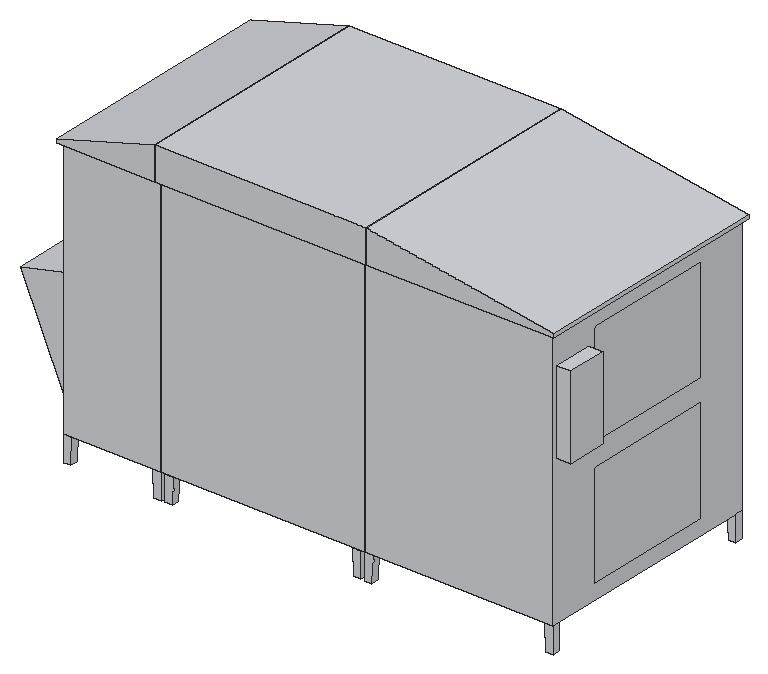
Revit family "AHU 3 _3", category Mechanické zařízení, Revit 2018
Family settings
  Kóta kulaté spojky = Použít průměr
  Typ dílu = Normální
  Číslo OmniClass = 23.75.00.00
  Nadpis OmniClass = Climate Control (HVAC)
  Založené na pracovní rovině = Ne
  Vždy vertikální = Ano
  Ořezat dutým tvarem při načtení = Ne
  Sdílené = Ne
  Bod výpočtu místnosti = Ne
Parameters (values of type "DUPLEXVENT 10000 Multi-N")
  Width [instance] = 1.62 mm
  Weight [instance] = 1190.00 kg
  URL = ""
  Type [instance] = "DUPLEXVENT 10000 Multi-N"
  Total_SFP [instance] = 0
  Supply_outlet_hum [instance] = 90
  Supply_inlet_hum [instance] = 90
  Supply_ext_pressure [instance] = 0.0 Pa
  Supply_SFP [instance] = 0
  Source_adu_file [instance] = ""
  Recuperation_type [instance] = "Plate heat recovery exchanger"
  Recuperation_efficiency_EN308 [instance] = 0
  Project_name [instance] = ""
  Project_date [instance] = "9.8.2023"
  Power_supply_fusing [instance] = "0"
  Power_supply_cable [instance] = "0"
  Position [instance] = "AHU 3 "
  Phases_count [instance] = 3
  Panel_thickness [instance] = 0.06 mm
  Outer_surface [instance] = "RAL 9002"
  Length [instance] = 3.37 mm
  Insulation_type [instance] = "PUR"
  Insulation_thickness [instance] = 0.05 mm
  Installation_environment [instance] = ""
  Input_power_max [instance] = 10400 W
  Inner_surface [instance] = "Pozink"
  I2 [instance] = I1  # 0.0 L/s
  Height [instance] = 1.795 mm
  Exhaust_outlet_hum [instance] = 40
  Exhaust_inlet_hum [instance] = 40
  Exhaust_ext_pressure [instance] = 0.0 Pa
  Exhaust_SFP [instance] = 0
  E1 [instance] = E2 - M1  # 0.0 L/s
  E2 [instance] = 0.0 L/s
  I1 [instance] = 0.0 L/s
  Description = ""
  M1 [instance] = 0.0 L/s
  Device_dutypoint_version [instance] = "0"
  Device_design_version [instance] = "9"
  Device_adu_id [instance] = "3"
  Current_max [instance] = 16.8 A
  Casing_mat [instance] = "painted zinc layer"
  Cable type [instance] = "CYKY 5Jx4"
Reference planes
  plane 1 "Střed (vpředu/vzadu)": y = 0
  plane 2 "ref": z = 0
  plane 3 "Střed (vlevo/vpravo)": x = 0
Forms (mm)
  Sweep 1, solid
    path origin (0, 0, 0) x (0, 0, 1) y (1, 0, 0)
      loop
        line (0, 0) -> (1795, 0)
    profile origin (0, 0, 0) x (1, 0, 0) y (0, 1, 0)
      loop
        line (0, 0) -> (671, 0) -> (671, 1620) -> (0, 1620) -> (0, 0)
  Sweep 2, solid
    path origin (0, 0, 0) x (0, 0, 1) y (1, 0, 0)
      loop
        line (0, 0) -> (1795, 0)
    profile origin (0, 0, 0) x (1, 0, 0) y (0, 1, 0)
      loop
        line (671, 0) -> (2074, 0) -> (2074, 1620) -> (671, 1620) -> (671, 0)
  Sweep 3, solid
    path origin (0, 0, 0) x (0, 0, 1) y (1, 0, 0)
      loop
        line (0, 0) -> (1795, 0)
    profile origin (0, 0, 0) x (1, 0, 0) y (0, 1, 0)
      loop
        line (2074, 0) -> (3367, 0) -> (3367, 1620) -> (2074, 1620) -> (2074, 0)
  Sweep 4, solid
    path origin (1685, 1645, 897) x (1, 0, 0) y (0, 1, 0)
      loop
        line (0, 0) -> (0, -1670)
    profile origin (1685, 1645, 897) x (1, 0, 0) y (0, 0, 1)
      loop
        line (-1710, 897) -> (-1039, 897) -> (-1039, 1123) -> (-1710, 922) -> (-1710, 897)
  Sweep 5, solid
    path origin (646, 810, 897) x (1, 0, 0) y (0, 1, 0)
      loop
        line (0, 0) -> (1456, 0)
    profile origin (646, 810, 897) x (0, 1, 0) y (0, 0, 1)
      loop
        line (-835, 897) -> (835, 897) -> (835, 922) -> (835, 1123) -> (-835, 1123) -> (-835, 922) -> (-835, 897)
  Sweep 6, solid
    path origin (1685, 1645, 897) x (1, 0, 0) y (0, 1, 0)
      loop
        line (0, 0) -> (0, -1670)
    profile origin (1685, 1645, 897) x (1, 0, 0) y (0, 0, 1)
      loop
        line (1710, 897) -> (1710, 922) -> (417, 1123) -> (417, 897) -> (1710, 897)
  Sweep 7, solid
    path origin (-250, 1365, 465) x (1, 0, 0) y (0, 1, 0)
      loop
        line (0, 0) -> (0, -1110)
    profile origin (-250, 1365, 465) x (1, 0, 0) y (0, 0, 1)
      loop
        line (249, 400) -> (-250, 280) -> (50, -400) -> (250, -400) -> (249, 400)
  Sweep 8, solid
    path origin (0, 810, 465) x (0, 1, 0) y (-1, 0, 0)
      loop
        line (0, 0) -> (0, 1)
    profile origin (0, 810, 465) x (0, -1, 0) y (0, 0, 1)
      loop
        line (-555, -400) -> (555, -400) -> (555, 400) -> (-555, 400) -> (-555, -400)
  Sweep 9, solid
    path origin (3369, 810, 1330) x (1, 0, 0) y (0, 1, 0)
      loop
        line (0, 0) -> (1, 0)
    profile origin (3369, 810, 1330) x (0, 1, 0) y (0, 0, 1)
      loop
        line (-450, 355) -> (-450, -355) -> (450, -355) -> (450, 355) -> (-450, 355)
  Sweep 10, solid
    path origin (3369, 810, 465) x (1, 0, 0) y (0, 1, 0)
      loop
        line (0, 0) -> (1, 0)
    profile origin (3369, 810, 465) x (0, 1, 0) y (0, 0, 1)
      loop
        line (-450, 355) -> (-450, -355) -> (450, -355) -> (450, 355) -> (-450, 355)
  Sweep 11, solid
    path origin (1, 810, 1330) x (0, 1, 0) y (-1, 0, 0)
      loop
        line (0, 0) -> (0, 1)
    profile origin (1, 810, 1330) x (0, -1, 0) y (0, 0, 1)
      loop
        line (-450, -355) -> (450, -355) -> (450, 355) -> (-450, 355) -> (-450, -355)
  Sweep 12, solid
    path origin (1780, 360, 0) x (0, -1, 0) y (0, 0, 1)
      loop
        line (0, 0) -> (0, -142)
    profile origin (1780, 360, 0) x (-1, 0, 0) y (0, -1, 0)
      loop
        circle (0, 0) r 8
  Sweep 13, solid
    path origin (1788, 360, -150) x (0, 0, -1) y (1, 0, 0)
      loop
        line (0, 0) -> (0, 14)
    profile origin (1788, 360, -150) x (0, 0, 1) y (0, -1, 0)
      loop
        circle (0, 0) r 8
  Sweep 14, solid
    path origin (1810, 360, -142) x (0, -1, 0) y (0, 0, 1)
      loop
        line (0, 0) -> (0, 59)
    profile origin (1810, 360, -142) x (0, 1, 0) y (-1, 0, 0)
      loop
        circle (0, 0) r 8
  Sweep 15, solid
    path origin (1818, 360, -75) x (0, 0, -1) y (1, 0, 0)
      loop
        line (0, 0) -> (0, 22)
    profile origin (1818, 360, -75) x (0, 0, 1) y (0, -1, 0)
      loop
        circle (0, 0) r 8
  Sweep 16, solid
    path origin (965, 360, 0) x (0, -1, 0) y (0, 0, 1)
      loop
        line (0, 0) -> (0, -142)
    profile origin (965, 360, 0) x (-1, 0, 0) y (0, -1, 0)
      loop
        circle (0, 0) r 8
  Sweep 17, solid
    path origin (973, 360, -150) x (0, 0, -1) y (1, 0, 0)
      loop
        line (0, 0) -> (0, 14)
    profile origin (973, 360, -150) x (0, 0, 1) y (0, -1, 0)
      loop
        circle (0, 0) r 8
  Sweep 18, solid
    path origin (995, 360, -142) x (0, -1, 0) y (0, 0, 1)
      loop
        line (0, 0) -> (0, 59)
    profile origin (995, 360, -142) x (0, 1, 0) y (-1, 0, 0)
      loop
        circle (0, 0) r 8
  Sweep 19, solid
    path origin (1003, 360, -75) x (0, 0, -1) y (1, 0, 0)
      loop
        line (0, 0) -> (0, 22)
    profile origin (1003, 360, -75) x (0, 0, 1) y (0, -1, 0)
      loop
        circle (0, 0) r 8
  Sweep 20, solid
    path origin (25, 50, 0) x (1, 0, 0) y (0, 1, 0)
      loop
        line (0, 0) -> (0, -50)
    profile origin (25, 50, 0) x (1, 0, 0) y (0, 0, 1)
      loop
        line (-25, 0) -> (-25, -175) -> (25, -175) -> (35, 0) -> (-25, 0)
  Sweep 21, solid
    path origin (3345, 50, 0) x (1, 0, 0) y (0, 1, 0)
      loop
        line (0, 0) -> (0, -50)
    profile origin (3345, 50, 0) x (1, 0, 0) y (0, 0, 1)
      loop
        line (-35, 0) -> (-25, -175) -> (25, -175) -> (25, 0) -> (-35, 0)
  Sweep 22, solid
    path origin (25, 1620, 0) x (1, 0, 0) y (0, 1, 0)
      loop
        line (0, 0) -> (0, -50)
    profile origin (25, 1620, 0) x (1, 0, 0) y (0, 0, 1)
      loop
        line (-25, 0) -> (-25, -175) -> (25, -175) -> (35, 0) -> (-25, 0)
  Sweep 23, solid
    path origin (3345, 1620, 0) x (1, 0, 0) y (0, 1, 0)
      loop
        line (0, 0) -> (0, -50)
    profile origin (3345, 1620, 0) x (1, 0, 0) y (0, 0, 1)
      loop
        line (-35, 0) -> (-25, -175) -> (25, -175) -> (25, 0) -> (-35, 0)
  Sweep 24, solid
    path origin (650, 50, 0) x (1, 0, 0) y (0, 1, 0)
      loop
        line (0, 0) -> (0, -50)
    profile origin (650, 50, 0) x (1, 0, 0) y (0, 0, 1)
      loop
        line (-35, 0) -> (-25, -175) -> (25, -175) -> (25, 0) -> (-35, 0)
  Sweep 25, solid
    path origin (650, 1620, 0) x (1, 0, 0) y (0, 1, 0)
      loop
        line (0, 0) -> (0, -50)
    profile origin (650, 1620, 0) x (1, 0, 0) y (0, 0, 1)
      loop
        line (-35, 0) -> (-25, -175) -> (25, -175) -> (25, 0) -> (-35, 0)
  Sweep 26, solid
    path origin (725, 50, 0) x (1, 0, 0) y (0, 1, 0)
      loop
        line (0, 0) -> (0, -50)
    profile origin (725, 50, 0) x (1, 0, 0) y (0, 0, 1)
      loop
        line (-25, 0) -> (-25, -175) -> (25, -175) -> (35, 0) -> (-25, 0)
  Sweep 27, solid
    path origin (725, 1620, 0) x (1, 0, 0) y (0, 1, 0)
      loop
        line (0, 0) -> (0, -50)
    profile origin (725, 1620, 0) x (1, 0, 0) y (0, 0, 1)
      loop
        line (-25, 0) -> (-25, -175) -> (25, -175) -> (35, 0) -> (-25, 0)
  Sweep 28, solid
    path origin (2023, 50, 0) x (1, 0, 0) y (0, 1, 0)
      loop
        line (0, 0) -> (0, -50)
    profile origin (2023, 50, 0) x (1, 0, 0) y (0, 0, 1)
      loop
        line (-35, 0) -> (-25, -175) -> (25, -175) -> (25, 0) -> (-35, 0)
  Sweep 29, solid
    path origin (2023, 1620, 0) x (1, 0, 0) y (0, 1, 0)
      loop
        line (0, 0) -> (0, -50)
    profile origin (2023, 1620, 0) x (1, 0, 0) y (0, 0, 1)
      loop
        line (-35, 0) -> (-25, -175) -> (25, -175) -> (25, 0) -> (-35, 0)
  Sweep 30, solid
    path origin (2098, 50, 0) x (1, 0, 0) y (0, 1, 0)
      loop
        line (0, 0) -> (0, -50)
    profile origin (2098, 50, 0) x (1, 0, 0) y (0, 0, 1)
      loop
        line (-25, 0) -> (-25, -175) -> (25, -175) -> (35, 0) -> (-25, 0)
  Sweep 31, solid
    path origin (2098, 1620, 0) x (1, 0, 0) y (0, 1, 0)
      loop
        line (0, 0) -> (0, -50)
    profile origin (2098, 1620, 0) x (1, 0, 0) y (0, 0, 1)
      loop
        line (-25, 0) -> (-25, -175) -> (25, -175) -> (35, 0) -> (-25, 0)
  Sweep 32, solid
    path origin (0, 0, 1024) x (0, 0, 1) y (1, 0, 0)
      loop
        line (0, 0) -> (570, 0)
    profile origin (0, 0, 1024) x (1, 0, 0) y (0, 1, 0)
      loop
        line (3370, 25) -> (3470, 25) -> (3470, 300) -> (3370, 300) -> (3370, 25)
  Sweep 33, solid
    path origin (3420, 163, 1024) x (0, -1, 0) y (0, 0, 1)
      loop
        line (0, 0) -> (0, -1)
    profile origin (3420, 163, 1024) x (-1, 0, 0) y (0, -1, 0)
      loop
        circle (0, 0) r 10
Lines and regions (mm)
  model lines, style "Symbol"
    curve 1: line (1382, 0, 0) -> (1382, 0, 359)
    curve 2: line (1382, 0, 1795) -> (1382, 0, 1436)
    curve 3: line (0, 0, 897) -> (671, 0, 897)
    curve 4: line (671, 0, 897) -> (843, 0, 897)
    curve 5: line (2074, 0, 897) -> (1920, 0, 897)
    curve 6: line (2074, 0, 897) -> (3370, 0, 897)
    curve 7: line (843, 0, 897) -> (1112, 0, 1436)
    curve 8: line (1112, 0, 1436) -> (1651, 0, 1436)
    curve 9: line (1651, 0, 1436) -> (1920, 0, 897)
    curve 10: line (1920, 0, 897) -> (1651, 0, 359)
    curve 11: line (1651, 0, 359) -> (1382, 0, 359)
    curve 12: line (1382, 0, 359) -> (1112, 0, 359)
    curve 13: line (1112, 0, 359) -> (843, 0, 897)
    curve 14: line (2975, 0, 1474) -> (3262, 0, 1425)
    curve 15: line (2975, 0, 1218) -> (3262, 0, 1267)
    curve 16: line (395, 0, 1218) -> (108, 0, 1267)
    curve 17: line (395, 0, 1474) -> (108, 0, 1425)
    curve 18: line (67, 0, 179) -> (67, 0, 718)
    curve 19: line (67, 0, 718) -> (270, 0, 718)
    curve 20: line (270, 0, 718) -> (270, 0, 179)
    curve 21: line (270, 0, 179) -> (67, 0, 179)
    curve 22: line (169, 0, 179) -> (270, 0, 449)
    curve 23: line (169, 0, 718) -> (270, 0, 449)
    curve 24: line (3303, 0, 718) -> (3303, 0, 179)
    curve 25: line (3303, 0, 179) -> (3100, 0, 179)
    curve 26: line (3100, 0, 179) -> (3100, 0, 718)
    curve 27: line (3100, 0, 718) -> (3303, 0, 718)
    curve 28: line (3201, 0, 718) -> (3100, 0, 449)
    curve 29: line (3201, 0, 179) -> (3100, 0, 449)
    curve 30: line (1015, 0, 314) -> (771, 0, 794)
    curve 31: line (771, 0, 794) -> (851, 0, 835)
    curve 32: line (851, 0, 835) -> (1095, 0, 355)
    curve 33: line (1095, 0, 355) -> (1015, 0, 314)
    curve 34: line (868, 0, 622) -> (900, 0, 719)
    curve 35: line (966, 0, 430) -> (998, 0, 527)
    curve 36: line (0, -1600, 0) -> (0, 0, 0)
    curve 37: line (3370, -1600, 0) -> (3370, 0, 0)
    curve 38: line (0, -1600, 0) -> (3370, -1600, 0)
    curve 39: line (0, -1600, 1795) -> (0, 0, 1795)
    curve 40: line (3370, -1600, 1795) -> (3370, 0, 1795)
    curve 41: line (0, -1600, 1795) -> (3370, -1600, 1795)
    curve 42: line (0, -1600, 0) -> (0, -1600, 1795)
    curve 43: line (3370, -1600, 0) -> (3370, -1600, 1795)
    curve 44: line (0, -1600, 1595) -> (200, -1600, 1795)
    curve 45: line (0, -1600, 1395) -> (400, -1600, 1795)
    curve 46: line (0, -1600, 1195) -> (600, -1600, 1795)
    curve 47: line (0, -1600, 995) -> (800, -1600, 1795)
    curve 48: line (0, -1600, 795) -> (1000, -1600, 1795)
    curve 49: line (0, -1600, 595) -> (1200, -1600, 1795)
    curve 50: line (0, -1600, 395) -> (1400, -1600, 1795)
    curve 51: line (0, -1600, 195) -> (1600, -1600, 1795)
    curve 52: line (5, -1600, 0) -> (1800, -1600, 1795)
    curve 53: line (205, -1600, 0) -> (2000, -1600, 1795)
    curve 54: line (405, -1600, 0) -> (2200, -1600, 1795)
    curve 55: line (605, -1600, 0) -> (2400, -1600, 1795)
    curve 56: line (805, -1600, 0) -> (2600, -1600, 1795)
    curve 57: line (1005, -1600, 0) -> (2800, -1600, 1795)
    curve 58: line (1205, -1600, 0) -> (3000, -1600, 1795)
    curve 59: line (1405, -1600, 0) -> (3200, -1600, 1795)
    curve 60: line (1605, -1600, 0) -> (3370, -1600, 1765)
    curve 61: line (1805, -1600, 0) -> (3370, -1600, 1565)
    curve 62: line (2005, -1600, 0) -> (3370, -1600, 1365)
    curve 63: line (2205, -1600, 0) -> (3370, -1600, 1165)
    curve 64: line (2405, -1600, 0) -> (3370, -1600, 965)
    curve 65: line (2605, -1600, 0) -> (3370, -1600, 765)
    curve 66: line (2805, -1600, 0) -> (3370, -1600, 565)
    curve 67: line (3005, -1600, 0) -> (3370, -1600, 365)
    curve 68: line (3205, -1600, 0) -> (3370, -1600, 165)
    curve 69: line (3370, -1600, 1595) -> (3370, -1400, 1795)
    curve 70: line (3370, -1600, 1395) -> (3370, -1200, 1795)
    curve 71: line (3370, -1600, 1195) -> (3370, -1000, 1795)
    curve 72: line (3370, -1600, 995) -> (3370, -800, 1795)
    curve 73: line (3370, -1600, 795) -> (3370, -600, 1795)
    curve 74: line (3370, -1600, 595) -> (3370, -400, 1795)
    curve 75: line (3370, -1600, 395) -> (3370, -200, 1795)
    curve 76: line (3370, -1600, 195) -> (3370, 0, 1795)
    curve 77: line (3370, -1595, 0) -> (3370, 0, 1595)
    curve 78: line (3370, -1395, 0) -> (3370, 0, 1395)
    curve 79: line (3370, -1195, 0) -> (3370, 0, 1195)
    curve 80: line (3370, -995, 0) -> (3370, 0, 995)
    curve 81: line (3370, -795, 0) -> (3370, 0, 795)
    curve 82: line (3370, -595, 0) -> (3370, 0, 595)
    curve 83: line (3370, -395, 0) -> (3370, 0, 395)
    curve 84: line (3370, -195, 0) -> (3370, 0, 195)
    curve 85: line (0, -1400, 1795) -> (200, -1600, 1795)
    curve 86: line (0, -1200, 1795) -> (400, -1600, 1795)
    curve 87: line (0, -1000, 1795) -> (600, -1600, 1795)
    curve 88: line (0, -800, 1795) -> (800, -1600, 1795)
    curve 89: line (0, -600, 1795) -> (1000, -1600, 1795)
    curve 90: line (0, -400, 1795) -> (1200, -1600, 1795)
    curve 91: line (0, -200, 1795) -> (1400, -1600, 1795)
    curve 92: line (0, 0, 1795) -> (1600, -1600, 1795)
    curve 93: line (200, 0, 1795) -> (1800, -1600, 1795)
    curve 94: line (400, 0, 1795) -> (2000, -1600, 1795)
    curve 95: line (600, 0, 1795) -> (2200, -1600, 1795)
    curve 96: line (800, 0, 1795) -> (2400, -1600, 1795)
    curve 97: line (1000, 0, 1795) -> (2600, -1600, 1795)
    curve 98: line (1200, 0, 1795) -> (2800, -1600, 1795)
    curve 99: line (1400, 0, 1795) -> (3000, -1600, 1795)
    curve 100: line (1600, 0, 1795) -> (3200, -1600, 1795)
    curve 101: line (1800, 0, 1795) -> (3370, -1570, 1795)
    curve 102: line (2000, 0, 1795) -> (3370, -1370, 1795)
    curve 103: line (2200, 0, 1795) -> (3370, -1170, 1795)
    curve 104: line (2400, 0, 1795) -> (3370, -970, 1795)
    curve 105: line (2600, 0, 1795) -> (3370, -770, 1795)
    curve 106: line (2800, 0, 1795) -> (3370, -570, 1795)
    curve 107: line (3000, 0, 1795) -> (3370, -370, 1795)
    curve 108: line (3200, 0, 1795) -> (3370, -170, 1795)
    curve 109: line (4090, 0, 0) -> (3370, 0, 0)
    curve 110: line (4090, 1620, 0) -> (3370, 1620, 0)
    curve 111: line (4090, 0, 0) -> (4090, 1620, 0)
    curve 112: line (4090, 0, 1795) -> (3370, 0, 1795)
    curve 113: line (4090, 1620, 1795) -> (3370, 1620, 1795)
    curve 114: line (4090, 0, 1795) -> (4090, 1620, 1795)
    curve 115: line (4090, 0, 0) -> (4090, 0, 1795)
    curve 116: line (4090, 1620, 0) -> (4090, 1620, 1795)
    curve 117: line (4090, 0, 1595) -> (4090, 200, 1795)
    curve 118: line (4090, 0, 1395) -> (4090, 400, 1795)
    curve 119: line (4090, 0, 1195) -> (4090, 600, 1795)
    curve 120: line (4090, 0, 995) -> (4090, 800, 1795)
    curve 121: line (4090, 0, 795) -> (4090, 1000, 1795)
    curve 122: line (4090, 0, 595) -> (4090, 1200, 1795)
    curve 123: line (4090, 0, 395) -> (4090, 1400, 1795)
    curve 124: line (4090, 0, 195) -> (4090, 1600, 1795)
    curve 125: line (4090, 5, 0) -> (4090, 1620, 1615)
    curve 126: line (4090, 205, 0) -> (4090, 1620, 1415)
    curve 127: line (4090, 405, 0) -> (4090, 1620, 1215)
    curve 128: line (4090, 605, 0) -> (4090, 1620, 1015)
    curve 129: line (4090, 805, 0) -> (4090, 1620, 815)
    curve 130: line (4090, 1005, 0) -> (4090, 1620, 615)
    curve 131: line (4090, 1205, 0) -> (4090, 1620, 415)
    curve 132: line (4090, 1405, 0) -> (4090, 1620, 215)
    curve 133: line (4090, 1605, 0) -> (4090, 1620, 15)
    curve 134: line (4090, 1620, 1595) -> (3890, 1620, 1795)
    curve 135: line (4090, 1620, 1395) -> (3690, 1620, 1795)
    curve 136: line (4090, 1620, 1195) -> (3490, 1620, 1795)
    curve 137: line (4090, 1620, 995) -> (3370, 1620, 1715)
    curve 138: line (4090, 1620, 795) -> (3370, 1620, 1515)
    curve 139: line (4090, 1620, 595) -> (3370, 1620, 1315)
    curve 140: line (4090, 1620, 395) -> (3370, 1620, 1115)
    curve 141: line (4090, 1620, 195) -> (3370, 1620, 915)
    curve 142: line (4085, 1620, 0) -> (3370, 1620, 715)
    curve 143: line (3885, 1620, 0) -> (3370, 1620, 515)
    curve 144: line (3685, 1620, 0) -> (3370, 1620, 315)
    curve 145: line (3485, 1620, 0) -> (3370, 1620, 115)
    curve 146: line (3890, 0, 1795) -> (4090, 200, 1795)
    curve 147: line (3690, 0, 1795) -> (4090, 400, 1795)
    curve 148: line (3490, 0, 1795) -> (4090, 600, 1795)
    curve 149: line (3370, 80, 1795) -> (4090, 800, 1795)
    curve 150: line (3370, 280, 1795) -> (4090, 1000, 1795)
    curve 151: line (3370, 480, 1795) -> (4090, 1200, 1795)
    curve 152: line (3370, 680, 1795) -> (4090, 1400, 1795)
    curve 153: line (3370, 880, 1795) -> (4090, 1600, 1795)
    curve 154: line (3370, 1080, 1795) -> (3910, 1620, 1795)
    curve 155: line (3370, 1280, 1795) -> (3710, 1620, 1795)
    curve 156: line (3370, 1480, 1795) -> (3510, 1620, 1795)
    curve 157: line (0, 1620, -175) -> (0, 1620, 0)
    curve 158: line (3370, 1620, -175) -> (3370, 1620, 0)
    curve 159: line (0, 1620, -175) -> (3370, 1620, -175)
    curve 160: line (0, 0, -175) -> (0, 0, 0)
    curve 161: line (3370, 0, -175) -> (3370, 0, 0)
    curve 162: line (0, 0, -175) -> (3370, 0, -175)
    curve 163: line (0, 1620, -175) -> (0, 0, -175)
    curve 164: line (3370, 1620, -175) -> (3370, 0, -175)
    curve 165: line (0, 200, -175) -> (200, 0, -175)
    curve 166: line (0, 400, -175) -> (400, 0, -175)
    curve 167: line (0, 600, -175) -> (600, 0, -175)
    curve 168: line (0, 800, -175) -> (800, 0, -175)
    curve 169: line (0, 1000, -175) -> (1000, 0, -175)
    curve 170: line (0, 1200, -175) -> (1200, 0, -175)
    curve 171: line (0, 1400, -175) -> (1400, 0, -175)
    curve 172: line (0, 1600, -175) -> (1600, 0, -175)
    curve 173: line (180, 1620, -175) -> (1800, 0, -175)
    curve 174: line (380, 1620, -175) -> (2000, 0, -175)
    curve 175: line (580, 1620, -175) -> (2200, 0, -175)
    curve 176: line (780, 1620, -175) -> (2400, 0, -175)
    curve 177: line (980, 1620, -175) -> (2600, 0, -175)
    curve 178: line (1180, 1620, -175) -> (2800, 0, -175)
    curve 179: line (1380, 1620, -175) -> (3000, 0, -175)
    curve 180: line (1580, 1620, -175) -> (3200, 0, -175)
    curve 181: line (1780, 1620, -175) -> (3370, 30, -175)
    curve 182: line (1980, 1620, -175) -> (3370, 230, -175)
    curve 183: line (2180, 1620, -175) -> (3370, 430, -175)
    curve 184: line (2380, 1620, -175) -> (3370, 630, -175)
    curve 185: line (2580, 1620, -175) -> (3370, 830, -175)
    curve 186: line (2780, 1620, -175) -> (3370, 1030, -175)
    curve 187: line (2980, 1620, -175) -> (3370, 1230, -175)
    curve 188: line (3180, 1620, -175) -> (3370, 1430, -175)
    curve 189: line (3370, 200, -175) -> (3370, 25, 0)
    curve 190: line (3370, 400, -175) -> (3370, 225, 0)
    curve 191: line (3370, 600, -175) -> (3370, 425, 0)
    curve 192: line (3370, 800, -175) -> (3370, 625, 0)
    curve 193: line (3370, 1000, -175) -> (3370, 825, 0)
    curve 194: line (3370, 1200, -175) -> (3370, 1025, 0)
    curve 195: line (3370, 1400, -175) -> (3370, 1225, 0)
    curve 196: line (3370, 1600, -175) -> (3370, 1425, 0)
    curve 197: line (25, 0, 0) -> (200, 0, -175)
    curve 198: line (225, 0, 0) -> (400, 0, -175)
    curve 199: line (425, 0, 0) -> (600, 0, -175)
    curve 200: line (625, 0, 0) -> (800, 0, -175)
    curve 201: line (825, 0, 0) -> (1000, 0, -175)
    curve 202: line (1025, 0, 0) -> (1200, 0, -175)
    curve 203: line (1225, 0, 0) -> (1400, 0, -175)
    curve 204: line (1425, 0, 0) -> (1600, 0, -175)
    curve 205: line (1625, 0, 0) -> (1800, 0, -175)
    curve 206: line (1825, 0, 0) -> (2000, 0, -175)
    curve 207: line (2025, 0, 0) -> (2200, 0, -175)
    curve 208: line (2225, 0, 0) -> (2400, 0, -175)
    curve 209: line (2425, 0, 0) -> (2600, 0, -175)
    curve 210: line (2625, 0, 0) -> (2800, 0, -175)
    curve 211: line (2825, 0, 0) -> (3000, 0, -175)
    curve 212: line (3025, 0, 0) -> (3200, 0, -175)
    curve 213: line (3225, 0, 0) -> (3370, 0, -145)
    curve 214: line (0, 0, 2395) -> (0, 0, 1795)
    curve 215: line (3370, 0, 2395) -> (3370, 0, 1795)
    curve 216: line (0, 0, 2395) -> (3370, 0, 2395)
    curve 217: line (0, 1620, 2395) -> (0, 1620, 1795)
    curve 218: line (3370, 1620, 2395) -> (3370, 1620, 1795)
    curve 219: line (0, 1620, 2395) -> (3370, 1620, 2395)
    curve 220: line (0, 0, 2395) -> (0, 1620, 2395)
    curve 221: line (3370, 0, 2395) -> (3370, 1620, 2395)
    curve 222: line (0, 1420, 2395) -> (200, 1620, 2395)
    curve 223: line (0, 1220, 2395) -> (400, 1620, 2395)
    curve 224: line (0, 1020, 2395) -> (600, 1620, 2395)
    curve 225: line (0, 820, 2395) -> (800, 1620, 2395)
    curve 226: line (0, 620, 2395) -> (1000, 1620, 2395)
    curve 227: line (0, 420, 2395) -> (1200, 1620, 2395)
    curve 228: line (0, 220, 2395) -> (1400, 1620, 2395)
    curve 229: line (0, 20, 2395) -> (1600, 1620, 2395)
    curve 230: line (180, 0, 2395) -> (1800, 1620, 2395)
    curve 231: line (380, 0, 2395) -> (2000, 1620, 2395)
    curve 232: line (580, 0, 2395) -> (2200, 1620, 2395)
    curve 233: line (780, 0, 2395) -> (2400, 1620, 2395)
    curve 234: line (980, 0, 2395) -> (2600, 1620, 2395)
    curve 235: line (1180, 0, 2395) -> (2800, 1620, 2395)
    curve 236: line (1380, 0, 2395) -> (3000, 1620, 2395)
    curve 237: line (1580, 0, 2395) -> (3200, 1620, 2395)
    curve 238: line (1780, 0, 2395) -> (3370, 1590, 2395)
    curve 239: line (1980, 0, 2395) -> (3370, 1390, 2395)
    curve 240: line (2180, 0, 2395) -> (3370, 1190, 2395)
    curve 241: line (2380, 0, 2395) -> (3370, 990, 2395)
    curve 242: line (2580, 0, 2395) -> (3370, 790, 2395)
    curve 243: line (2780, 0, 2395) -> (3370, 590, 2395)
    curve 244: line (2980, 0, 2395) -> (3370, 390, 2395)
    curve 245: line (3180, 0, 2395) -> (3370, 190, 2395)
    curve 246: line (3370, 1420, 2395) -> (3370, 1620, 2195)
    curve 247: line (3370, 1220, 2395) -> (3370, 1620, 1995)
    curve 248: line (3370, 1020, 2395) -> (3370, 1620, 1795)
    curve 249: line (3370, 820, 2395) -> (3370, 1420, 1795)
    curve 250: line (3370, 620, 2395) -> (3370, 1220, 1795)
    curve 251: line (3370, 420, 2395) -> (3370, 1020, 1795)
    curve 252: line (3370, 220, 2395) -> (3370, 820, 1795)
    curve 253: line (3370, 20, 2395) -> (3370, 620, 1795)
    curve 254: line (3370, 0, 2215) -> (3370, 420, 1795)
    curve 255: line (3370, 0, 2015) -> (3370, 220, 1795)
    curve 256: line (3370, 0, 1815) -> (3370, 20, 1795)
    curve 257: line (0, 1620, 2195) -> (200, 1620, 2395)
    curve 258: line (0, 1620, 1995) -> (400, 1620, 2395)
    curve 259: line (0, 1620, 1795) -> (600, 1620, 2395)
    curve 260: line (200, 1620, 1795) -> (800, 1620, 2395)
    curve 261: line (400, 1620, 1795) -> (1000, 1620, 2395)
    curve 262: line (600, 1620, 1795) -> (1200, 1620, 2395)
    curve 263: line (800, 1620, 1795) -> (1400, 1620, 2395)
    curve 264: line (1000, 1620, 1795) -> (1600, 1620, 2395)
    curve 265: line (1200, 1620, 1795) -> (1800, 1620, 2395)
    curve 266: line (1400, 1620, 1795) -> (2000, 1620, 2395)
    curve 267: line (1600, 1620, 1795) -> (2200, 1620, 2395)
    curve 268: line (1800, 1620, 1795) -> (2400, 1620, 2395)
    curve 269: line (2000, 1620, 1795) -> (2600, 1620, 2395)
    curve 270: line (2200, 1620, 1795) -> (2800, 1620, 2395)
    curve 271: line (2400, 1620, 1795) -> (3000, 1620, 2395)
    curve 272: line (2600, 1620, 1795) -> (3200, 1620, 2395)
    curve 273: line (2800, 1620, 1795) -> (3370, 1620, 2365)
    curve 274: line (3000, 1620, 1795) -> (3370, 1620, 2165)
    curve 275: line (3200, 1620, 1795) -> (3370, 1620, 1965)
    curve 276: circle (3101, 0, 1346) r 179 normal (0, -1, 0)
    curve 277: circle (269, 0, 1346) r 179 normal (0, -1, 0)
    curve 278: circle (884, 0, 670) r 13 normal (0, -1, 0)
    curve 279: circle (982, 0, 478) r 13 normal (0, -1, 0)
    curve 280: circle (1780, 360, 0) r 8 normal (0, 0, -1)
    curve 281: circle (1780, 360, -142) r 8 normal (0, 0, -1)
    curve 282: circle (965, 360, 0) r 8 normal (0, 0, -1)
    curve 283: circle (965, 360, -142) r 8 normal (0, 0, -1)
Dimensions and locks
  aligned and locked: level to plane 2 "ref"
Connectors
  hvac at (-1, 810, 465), driven by "E1"
    settings: on Sweep 8, index 1, duct flow 0.0 L/s, flow factor 0, pres drop 0.0 Pa, loss coef 0, conn angle 0.00°, conn width 10 mm, conn height 10 mm, conn diameter 609.6 mm, duct sys type 1, conn prof type 1, flow config 1, flow direction 1, loss method 0, conn ref index -1, conn util no, is conn primary yes, conn desc ""
  hvac at (3370, 810, 1330), driven by "E2"
    settings: on Sweep 9, index 2, duct flow 0.0 L/s, flow factor 1, pres drop 0.0 Pa, loss coef 0, conn angle 0.00°, conn width 900 mm, conn height 710 mm, conn diameter 609.6 mm, duct sys type 1, conn prof type 1, flow config 2, flow direction 2, loss method 0, conn ref index -1, conn util no, is conn primary no, conn desc ""
  hvac at (3370, 810, 465), driven by "I1"
    settings: on Sweep 10, index 3, duct flow 0.0 L/s, flow factor 1, pres drop 0.0 Pa, loss coef 0, conn angle 0.00°, conn width 900 mm, conn height 710 mm, conn diameter 609.6 mm, duct sys type 3, conn prof type 1, flow config 2, flow direction 1, loss method 0, conn ref index -1, conn util no, is conn primary no, conn desc ""
  hvac at (0, 810, 1330), driven by "I2"
    settings: on Sweep 11, index 4, duct flow 0.0 L/s, flow factor 0, pres drop 0.0 Pa, loss coef 0, conn angle 0.00°, conn width 900 mm, conn height 710 mm, conn diameter 609.6 mm, duct sys type 3, conn prof type 1, flow config 1, flow direction 2, loss method 0, conn ref index -1, conn util no, is conn primary no, conn desc ""
  piping at (1840, 360, -75), diameter 40
    settings: on Sweep 15, index 5, connector inside diameter 609.6 mm, connector length 0 mm, flow factor 0, pipe flow 0.0 L/s, pressure drop 0.0 Pa, fitting loss kfactor 0, connector angle 0.00°, fixture units 0, engagement length 0 mm, angle of deflection 0.00°, flow configuration 1, flow direction 2, fitting loss method 0, system type 16, joint type 0, gender type 0, connector reference index -1, connector utility 0, adjustable connector no, is connector primary yes, connector description ""
  piping at (1025, 360, -75), diameter 40
    settings: on Sweep 19, index 6, connector inside diameter 609.6 mm, connector length 0 mm, flow factor 0, pipe flow 0.0 L/s, pressure drop 0.0 Pa, fitting loss kfactor 0, connector angle 0.00°, fixture units 0, engagement length 0 mm, angle of deflection 0.00°, flow configuration 1, flow direction 2, fitting loss method 0, system type 16, joint type 0, gender type 0, connector reference index -1, connector utility 0, adjustable connector no, is connector primary no, connector description ""
  electrical at (3420, 163, 1023)
    settings: on Sweep 33, index 7, voltage 400 V, apparent load 0 VA, apparent load phase1 0 VA, apparent load phase2 0 VA, apparent load phase3 0 VA, power factor 1, load classification "Další", number of poles 3, system type 31, power factor state 1, is connector primary yes, connector utility no, sub classification motor no, connector description ""
